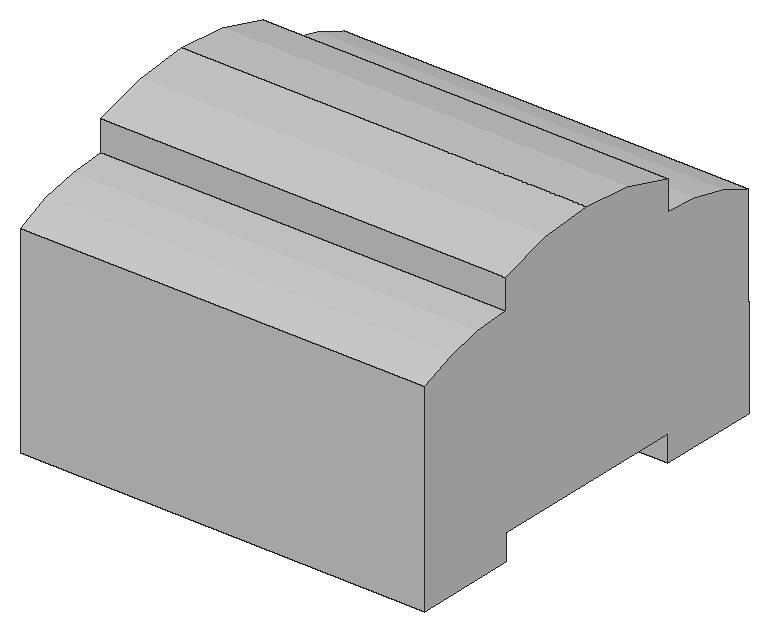
Revit family "Power_Supply-Lutron-QS_DIN", category Lighting Devices, host Face, Revit 2017
Family settings
  Host = Face
  Maintain Annotation Orientation = Yes
  Round Connector Dimension = Use Radius
  Part Type = Normal
  OmniClass Number = 23.80.30.11
  OmniClass Title = Power Supply Devices
  Cut with Voids When Loaded = No
  Shared = No
  Room Calculation Point = No
Parameters (values of type "QSPS-DH-1-75-H")
  Warranty URL = "http://www.lutron.com/en-US/Service-Support/Pages/Service/Warranty/Warranty.aspx"
  Video Link = "https://www.youtube.com/user/LutronElectronicsInc"
  Version = "2017 - v1.0b"  # constant formula
  URL = "http://www.lutron.com"
  Type Comments = ""
  Support Phone = "(224) 699-9545"  # constant formula
  Support Email = "mailto: support@anguleris.com"
  Series = "HomeWorks QS"
  Rail Mount Offset = 0' - 2.17"
  Product Page URL = "http://www.lutron.com/en-US/Products/Pages/WholeHomeSystems/Homeworksqs/Overview.aspx"
  Product Name = "DIN Rail Mount Power Supply with Wire Harnesses"
  Product Documentation Link = "http://www.lutron.com/TechnicalDocumentLibrary/369886_ENG_WEB.pdf"
  Performance URL = "http://www.lutron.com/en-US/Service-Support/Pages/Technical/PerfomanceSpecs.aspx"
  Overall Width = 0' - 3.54"
  Overall Height = 0' - 3.54"
  Overall Depth = 0' - 2.4"
  Output Voltage = 24 V
  Output Power = Output Voltage * Output Current  # 60 VA
  Output Current = 2.5 A
  Number of Poles = 1
  Model = "QSPS-DH-1-75-H"
  Minimum Operating Temperature = 32 °F
  Maximum Operating Temperature = 131 °F
  Material = Plastic - Lutron - Grey
  Manufacturer Phone Number = "610-282-3800"  # constant formula
  Manufacturer Fax Number = "610-282-1243"  # constant formula
  Manufacturer Email = "mailto:support@lutron.com"
  Manufacturer Address = "7200 Suter Rd, Coopersburg, PA 18036"  # constant formula
  Manufacturer = "Lutron Electronics Co., Inc"  # constant formula
  Load Classification = Power
  Label = "PS"
  Keynote = ""
  Instruction Sheet Link = "http://www.lutron.com/TechnicalDocumentLibrary/037260_ENG_WEB.pdf"
  Input Voltage Range = "100 V - 277 V"
  Input Voltage [instance] = 277 V
  Frequency = "50/60 Hz"
  Enclosure Depth = 0' - 1.97"
  Description = "DIN Rail Mount Power Supply with Wire Harnesses"
  Default Elevation = 4' - 0"
  Current [instance] = 0.5 A
  Cover Height = 0' - 1.77"
  Cost Info = "mailto:sales@lutron.com"
  Cost = 0
  Copyright = "© 2019 Lutron Electronics Co., Inc."  # constant formula
  Assembly Code = "D3060800"
  Apparent Power [instance] = Input Voltage * Current  # 138.5 VA
  Annotation Symbol Visibility [instance] = yes
Reference planes (in)
  plane 1 "Center (Front/Back)": y = 0
  plane 2: z = 0
  plane 3 "Center (Left/Right)": x = 0
  plane 4: x = -1.77
  plane 5: x = 1.77
  plane 6: z = 2.17
  plane 7: z = -0.23
  plane 8: z = 0.97
Forms (in)
  Sweep 1, solid, material "Plastic - Lutron - Grey" <- "Material"
    path origin (0, 0, 0) x (1, 0, 0) y (0, 0, 1)
      loop
        line (-1.77, 0.97) -> (1.77, 0.97)
    profile "Profile-Power Supply : Power Supply Profile" origin (0, 0, 0.97) x (0, 0, 1) y (0, -1, 0)
      loop
        arc (0.56002, -1.77) -> (0.71679, -1.33978) -> (0.77, -0.885) r 1.97
        line (0.77, -0.885) -> (1.03087, -0.885)
        arc (1.03087, -0.885) -> (1.15734, -0.45051) -> (1.2, 0) r 2.4
        arc (1.2, 0) -> (1.15734, 0.45051) -> (1.03087, 0.885) r 2.4
        line (1.03087, 0.885) -> (0.77, 0.885)
        arc (0.77, 0.885) -> (0.71679, 1.33978) -> (0.56002, 1.77) r 1.97
        line (0.56002, 1.77) -> (-1.2, 1.77) -> (-1.2, 0.885) -> (-0.97, 0.885) -> (-0.97, -0.885) -> (-1.2, -0.885) -> (-1.2, -1.77) -> (0.56002, -1.77)
Lines and regions (in)
  Masking region 1, detail levels fine
    outline origin (0, 0, 0) x (1, 0, 0) y (0, 0, 1)
      loop
        line (-1.77, 2.17) -> (-1.77, -0.23) -> (1.77, -0.23) -> (1.77, 2.17) -> (-1.77, 2.17)
Dimensions and locks (in)
  equal spacing: plane 5, plane 3 "Center (Left/Right)", plane 4
  "Overall Width": plane 5 to plane 4
  "Overall Depth": plane 6 to plane 7
  "Rail Mount Offset": plane 6 to plane 2
  equal spacing: plane 6, plane 8, plane 7
  equal spacing: host sketch curve, plane 1 "Center (Front/Back)", host sketch curve
  equal spacing: host sketch curve, plane 3 "Center (Left/Right)", host sketch curve
  aligned and locked: plane 2 to host face
  aligned and locked: level to host face
  aligned and locked: plane 4 to Sweep 1 sketch curve
  aligned and locked: Sweep 1 sketch curve to plane 8
  aligned and locked: plane 5 to Sweep 1 sketch curve
  aligned and locked: plane 1 "Center (Front/Back)" to nested 1
  aligned and locked: plane 3 "Center (Left/Right)" to nested 1
  aligned and locked: Masking region 1 sketch curve to plane 5
  aligned and locked: plane 4 to Masking region 1 sketch curve
  aligned and locked: Masking region 1 sketch curve to plane 6
  aligned and locked: plane 7 to Masking region 1 sketch curve
Nested families (in)
  nested 1: "Lutron_Lighting_Power_Module_2_Line_Annotation" at (0, 0, 0), visible <- "Annotation Symbol Visibility", type "QSPS-DH-1-75", detail levels coarse+medium
Connectors (in)
  electrical at (0, 1.77, 0.65001), driven by "Number of Poles", driven by "Output Voltage", driven by "Load Classification", driven by "Apparent Power"
    settings: on Sweep 1, index 1, voltage 24 V, apparent load 138.5 VA, apparent load phase1 0 VA, apparent load phase2 0 VA, apparent load phase3 0 VA, power factor 1, load classification "Power", number of poles 1, system type 30, power factor state 1, is connector primary yes, connector utility no, sub classification motor no, connector description "Power Connection"
Definition of nested family "Lutron_Lighting_Power_Module_2_Line_Annotation"
  Parameters (values of type "QSPS-DH-1-75")
    Secondary Label = "75"
    Primary Label = "QSPS"
  Reference planes (in)
    plane 1: y = 0
    plane 2: x = 0
  Lines and regions (in)
    detail lines, not visible
      curve 1: line (0, 0.12891, 0) -> (0, 0, 0)
    reference lines
      curve 2: line (0, 0.0625, 0) -> (-0.11983, 0.0625, 0)
      curve 3: line (0.10095, -0.04722, 0) -> (0.10095, 0.09386, 0)
      curve 4: line (0.10095, -0.04722, 0) -> (0.28349, -0.04722, 0)
      curve 5: line (0.10095, 0.04579, 0) -> (0.31014, 0.04579, 0)
    detail lines
      curve 6: line (-0.17068, 0.42347, 0) -> (0.17068, 0.42347, 0)
      curve 7: line (-0.17068, 0.12891, 0) -> (-0.17068, 0.42347, 0)
      curve 8: line (0.17068, 0.12891, 0) -> (-0.17068, 0.12891, 0)
      curve 9: line (0.17068, 0.42347, 0) -> (0.17068, 0.12891, 0)
      curve 10: line (0, 0.12891, 0) -> (0, 0, 0)
      curve 11: line (-0.08143, 0, 0) -> (0.08143, 0, 0)
  Text (in)
    label "2DAL" at (0.00317, 0.35376, 0), shows "Primary Label"
    label "SL" at (0.00317, 0.22789, 0), shows "Secondary Label"
  Dimensions and locks (in)
    locked: curve 4 to curve 5 at 0.09301
    locked: curve 1 to curve 3 at 0.10095
    curve 1 to curve 1 = 0' - 0 33/256"
    locked: plane 1 to curve 2 at 0.0625
    equal spacing: curve 11, plane 2, curve 11
    locked: curve 11 to curve 11 at 0.16287
    locked: curve 11 to curve 8 at 0.12891
    equal spacing: curve 7, plane 2, curve 9
    aligned and locked: curve 1 to curve 2
    aligned and locked: plane 1 to curve 1
    aligned and locked: curve 1 to plane 2
    aligned and locked: plane 2 to curve 1
    aligned and locked: curve 10 to plane 2
